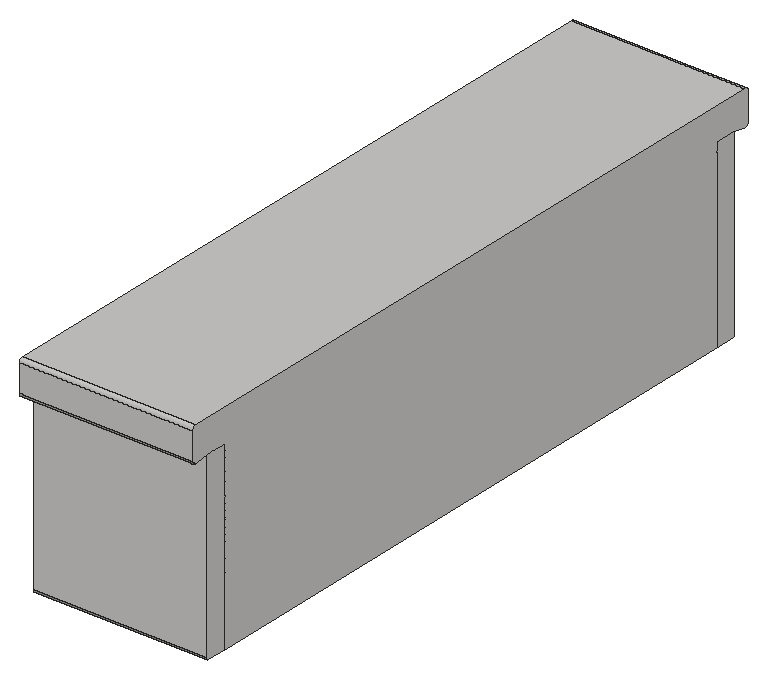
Revit family "QF_ELECTROLUXPROFESSIONAL_588104_MANABABOOO", category Specialty Equipment, Revit 2018
Family settings
  Round Connector Dimension = Use Diameter
  Part Type = Normal
  Work Plane-Based = No
  Always vertical = Yes
  Cut with Voids When Loaded = No
  Shared = No
  Room Calculation Point = No
Parameters
  Weight in Pounds = 13.22
  URL Cutsheet = "www.electrolux.com/professional"
  URL = "www.electrolux.com/professional"
  Type Mark [instance] = ""
  Status [instance] = ""
  Specification by User [instance] = ""
  Specification by Manufacturer = ""
  Serial Number = ""
  Seismic Rating = ""
  SMACNA No = ""
  Revision Code [instance] = ""
  Omniclass Number and Title = ""
  NAFEM Spec ID Number = ""
  Model = "588104"
  Masterspec = ""
  Manufacturer = "ELECTROLUX"
  Item Number [instance] = ""
  Installed By [instance] = ""
  Identify Quantity as Lot [instance] = yes
  Furnished By [instance] = ""
  Foodservice Equipment Identifier [instance] = yes
  Direct Waste Size = 0"
  Description = "CLOSED WORK TOP,1-SIDE,200X800X250H"
  CSI MasterFormat = ""
  CSI Master Format = ""
Reference planes
  plane 1 "BACK": y = 0
  plane 2: z = 0
  plane 3 "LEFT": x = 0
  plane 4 "RIGHT": x = 200
  plane 5 "FRONT": y = -800
  plane 6 "TOP": z = 250
  plane 7 "Center Y": x = 100
  plane 8 "Center X": y = -400
Forms (mm)
  Extrusion 1, solid, material "QF_Finishes_Stainless Steel"
    sketch origin (0, 50.048, 0) x (0, 1, 0) y (0, 0, 1)
      loop
        line (-95.048, 213) -> (-71.412, 213) -> (-54.743, 210.061)
        arc (-54.743, 210.061) -> (-51.477, 210.936) -> (-50.048, 214) r 4
        line (-50.048, 214) -> (-50.048, 246)
        arc (-50.048, 246) -> (-51.22, 248.828) -> (-54.048, 250) r 4
        line (-54.048, 250) -> (-846.048, 250)
        arc (-846.048, 250) -> (-848.877, 248.828) -> (-850.048, 246) r 4
        line (-850.048, 246) -> (-850.048, 214)
        arc (-850.048, 214) -> (-848.619, 210.936) -> (-845.353, 210.061) r 4
        line (-845.353, 210.061) -> (-828.509, 213) -> (-805.048, 213) -> (-805.048, 0) -> (-95.048, 0) -> (-95.048, 213)
    from 0 to 200
  Extrusion 2, solid, material "QF_Finishes_Stainless Steel"
    sketch origin (0, 50.048, 0) x (0, 1, 0) y (0, 0, 1)
      loop
        arc (-828.048, 213) -> (-829.462, 212.414) -> (-830.048, 211) r 2
        line (-830.048, 211) -> (-830.048, 2)
        arc (-830.048, 2) -> (-829.462, 0.586) -> (-828.048, 0) r 2
        line (-828.048, 0) -> (-805.048, 0) -> (-805.048, 213) -> (-828.048, 213)
      loop
        line (-72.048, 213) -> (-95.048, 213) -> (-95.048, 0) -> (-72.048, 0)
        arc (-72.048, 0) -> (-70.634, 0.586) -> (-70.048, 2) r 2
        line (-70.048, 2) -> (-70.048, 211)
        arc (-70.048, 211) -> (-70.634, 212.414) -> (-72.048, 213) r 2
    from 0 to 200
Lines and regions (mm)
  symbolic lines
    curve 1: line (0, 0, 0) -> (200, 0, 0)
    curve 2: line (0, -800, 0) -> (0, 0, 0)
    curve 3: line (200, -800, 0) -> (0, -800, 0)
    curve 4: line (200, 0, 0) -> (200, -800, 0)
Dimensions and locks
  equal spacing: plane 3 "LEFT", plane 7 "Center Y", plane 4 "RIGHT"
  plane 3 "LEFT" to plane 4 "RIGHT" = 200.00 mm
  equal spacing: plane 5 "FRONT", plane 8 "Center X", plane 1 "BACK"
  plane 5 "FRONT" to plane 1 "BACK" = 800.00 mm
  plane 6 "TOP" to level = 250.00 mm
  aligned and locked: level to plane 2
  aligned and locked: Extrusion 1 to plane 4 "RIGHT"
  aligned and locked: Extrusion 2 to plane 4 "RIGHT"
Automatic sketch dimensions
  Extrusion 1 sketch curve to plane 6 "TOP" = 0.00 mm
  Extrusion 1 sketch curve to level = 0.00 mm
  Extrusion 1 sketch curve to plane 6 "TOP" = 36.00 mm
  plane 5 "FRONT" to Extrusion 1 sketch curve = 0.00 mm
  Extrusion 1 sketch curve to plane 6 "TOP" = 39.939 mm
  Extrusion 1 sketch curve to Extrusion 1 sketch curve = 4.00 mm
  Extrusion 1 sketch curve to Extrusion 1 sketch curve = 4.695 mm  (x2)
  Extrusion 1 sketch curve to Extrusion 1 sketch curve = 16.844 mm
  Extrusion 1 sketch curve to plane 5 "FRONT" = 45.00 mm
  plane 1 "BACK" to Extrusion 1 sketch curve = 45.00 mm
  Extrusion 1 sketch curve to Extrusion 1 sketch curve = 23.636 mm
  Extrusion 1 sketch curve to Extrusion 1 sketch curve = 17.364 mm
  Extrusion 1 sketch curve to Extrusion 1 sketch curve = 21.364 mm
  Extrusion 1 sketch curve to Extrusion 1 sketch curve = 0.00 mm  (x2)
  Extrusion 1 sketch curve to Extrusion 1 sketch curve = 0.695 mm
  Extrusion 1 sketch curve to plane 6 "TOP" = 37.00 mm  (x2)
  Extrusion 1 sketch curve to Extrusion 1 sketch curve = 1.00 mm
  Extrusion 2 sketch curve to level = 0.00 mm  (x2)
  level to Extrusion 2 sketch curve = 2.00 mm  (x2)
  Extrusion 2 sketch curve to plane 5 "FRONT" = 20.00 mm
  Extrusion 2 sketch curve to Extrusion 2 sketch curve = 2.00 mm
  Extrusion 2 sketch curve to Extrusion 2 sketch curve = 23.00 mm
  plane 1 "BACK" to Extrusion 2 sketch curve = 45.00 mm
  plane 1 "BACK" to Extrusion 2 sketch curve = 22.00 mm  (x2)
  Extrusion 2 sketch curve to plane 6 "TOP" = 39.00 mm  (x2)
  curve 3 to plane 3 "LEFT" = 0.00 mm
  curve 3 to plane 4 "RIGHT" = 0.00 mm
  plane 1 "BACK" to curve 2 = 0.00 mm
  curve 4 to plane 5 "FRONT" = 0.00 mm
